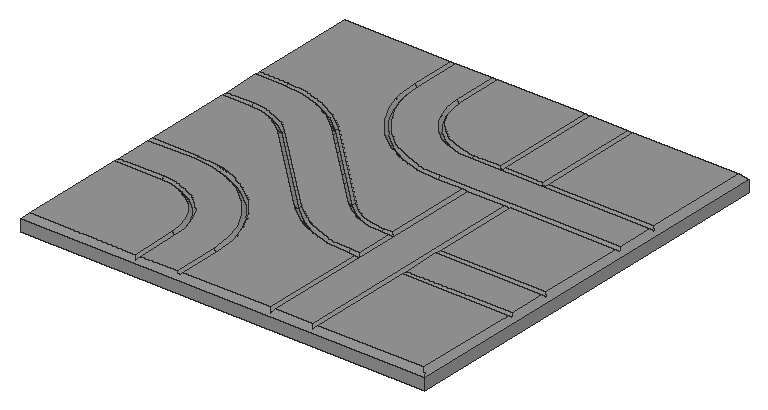
Revit family "METRO-2X2", category Generic Models, Revit 2026
Family settings
  Can host rebar = No
  Round Connector Dimension = Use Diameter
  Part Type = Normal
  Work Plane-Based = No
  Always vertical = Yes
  Cut with Voids When Loaded = No
  Maintain Annotation Orientation = No
  Shared = No
  Room Calculation Point = No
Parameters (values of type "STANDARD - CUSTOM PAINTED")
  URL = "https://www.acousticalsurfaces.com/envirocoustic-wood-wool/designs/"
  Thickness = 0' - 1"
  Material = "Envirocoustic Wood Wool"
  Manufacturer = "Acoustical Surfaces, Inc."
  Finish = Custom Painted
  Default Elevation = 0' - 0"
  Backer Thickness = 0' - 1"
  Backer = no
Types (9): name | Finish | Backer Thickness | Backer
  STANDARD - CUSTOM PAINTED | Custom Painted | 0' - 1" | no
  STANDARD - PRIMED WHITE | Primed White | 0' - 1" | no
  STANDARD - PRIMED CLEAR | Primed Clear | 0' - 1" | no
  2 INCH CFAB BACKER - PRIMED WHITE | Primed White | 0' - 2" | yes
  1 INCH CFAB BACKER - PRIMED WHITE | Primed White | 0' - 1" | yes
  2 INCH CFAB BACKER - PRIMED CLEAR | Primed Clear | 0' - 2" | yes
  1 INCH CFAB BACKER - PRIMED CLEAR | Primed Clear | 0' - 1" | yes
  2 INCH CFAB BACKER - CUSTOM PAINTED | Custom Painted | 0' - 2" | yes
  1 INCH CFAB BACKER - CUSTOM PAINTED | Custom Painted | 0' - 1" | yes
Reference planes (in)
  plane 1 "Center (Front/Back)": y = 0
  plane 2: z = 0
  plane 3 "Center (Left/Right)": x = 0
  plane 4: x = -12
  plane 5: x = 12
  plane 6: y = 12
  plane 7: y = -12
  plane 8: z = 1
  plane 9: z = -1
Forms (in)
  Extrusion 1, solid, material "Custom Painted" <- "Finish"
    sketch origin (0, 0, 0) x (1, 0, 0) y (0, 1, 0)
      loop
        line (12, 12) -> (-12, 12) -> (-12, -12) -> (12, -12) -> (12, 12)
    from 0 to 1
  Sweep 2, void
    path in 3D
      loop
        line (12, 12, 1) -> (-12, 12, 1) -> (-12, -12, 1) -> (12, -12, 1) -> (12, 12, 1)
    profile "Triangle : Family2" origin (12, 0, 1) x (-1, 0, 0) y (0, 0, 1)
      loop
        line (0, 0) -> (0, -0.315) -> (0.315, 0) -> (0, 0)
  Extrusion 3, solid, visible <- "Backer"
    sketch origin (0, 0, 0) x (1, 0, 0) y (0, 1, 0)
      loop
        line (12, 12) -> (-12, 12) -> (-12, -12) -> (12, -12) -> (12, 12)
    from 0 to -1
  Sweep 4, void
    path origin (0, 0, 1) x (1, 0, 0) y (0, 1, 0)
      loop
        line (-2.75002, 12) -> (-2.75002, 9)
        arc (-2.75002, 9) -> (-1.65167, 6.34835) -> (0.99998, 5.25) r 3.75
        line (0.99998, 5.25) -> (12, 5.25)
    profile "Groove : Family2" origin (-2.75002, 10.5, 1) x (1, 0, 0) y (0, 0, 1)
      loop
        line (-0.1575, 0) -> (0, -0.1575) -> (0.1575, 0) -> (-0.1575, 0)
  Sweep 5, void
    path origin (0, 0, 1) x (1, 0, 0) y (0, 1, 0)
      loop
        line (-5.25002, 12) -> (-5.25002, 9)
        arc (-5.25002, 9) -> (-3.41944, 4.58058) -> (0.99998, 2.75) r 6.25
        line (0.99998, 2.75) -> (12, 2.75)
    profile "Groove : Family2" origin (-5.25002, 10.5, 1) x (1, 0, 0) y (0, 0, 1)
      loop
        line (-0.1575, 0) -> (0, -0.1575) -> (0.1575, 0) -> (-0.1575, 0)
  Sweep 6, void
    path origin (0, 0, 1) x (1, 0, 0) y (0, 1, 0)
      loop
        line (5.25, 5.25) -> (5.25, 12)
    profile "Groove : Family2" origin (5.25, 8.625, 1) x (-1, 0, 0) y (0, 0, 1)
      loop
        line (-0.1575, 0) -> (0, -0.1575) -> (0.1575, 0) -> (-0.1575, 0)
  Sweep 7, void
    path origin (0, 0, 1) x (1, 0, 0) y (0, 1, 0)
      loop
        line (2.75, 5.25) -> (2.75, 12)
    profile "Groove : Family2" origin (2.75, 8.625, 1) x (-1, 0, 0) y (0, 0, 1)
      loop
        line (-0.1575, 0) -> (0, -0.1575) -> (0.1575, 0) -> (-0.1575, 0)
  Sweep 8, void
    path origin (0, 0, 1) x (1, 0, 0) y (0, 1, 0)
      loop
        line (5.25, -12) -> (5.25, 2.74999)
    profile "Groove : Family2" origin (5.25, -4.625, 1) x (-1, 0, 0) y (0, 0, 1)
      loop
        line (-0.1575, 0) -> (0, -0.1575) -> (0.1575, 0) -> (-0.1575, 0)
  Sweep 9, void
    path origin (0, 0, 1) x (1, 0, 0) y (0, 1, 0)
      loop
        line (2.75, -12) -> (2.75, 2.74999)
    profile "Groove : Family2" origin (2.75, -4.625, 1) x (-1, 0, 0) y (0, 0, 1)
      loop
        line (-0.1575, 0) -> (0, -0.1575) -> (0.1575, 0) -> (-0.1575, 0)
  Sweep 10, void
    path origin (0, 0, 1) x (1, 0, 0) y (0, 1, 0)
      loop
        line (12, -2.75) -> (5.25, -2.75)
    profile "Groove : Family2" origin (8.625, -2.75, 1) x (0, -1, 0) y (0, 0, 1)
      loop
        line (-0.1575, 0) -> (0, -0.1575) -> (0.1575, 0) -> (-0.1575, 0)
  Sweep 11, void
    path origin (0, 0, 1) x (1, 0, 0) y (0, 1, 0)
      loop
        line (12, -5.25) -> (5.25, -5.25)
    profile "Groove : Family2" origin (8.625, -5.25, 1) x (0, -1, 0) y (0, 0, 1)
      loop
        line (-0.1575, 0) -> (0, -0.1575) -> (0.1575, 0) -> (-0.1575, 0)
  Sweep 12, void
    path origin (0, 0, 1) x (1, 0, 0) y (0, 1, 0)
      loop
        line (2.75, -2.75) -> (2.07116, -2.75)
        arc (2.07116, -2.75) -> (0.63613, -2.46456) -> (-0.58044, -1.65171) r 3.75
        line (-0.58044, -1.65171) -> (-5.65186, 3.41951)
        arc (-5.65186, 3.41951) -> (-7.67948, 4.77427) -> (-10.07119, 5.25) r 6.25
        line (-10.07119, 5.25) -> (-12, 5.25)
    profile "Groove : Family2" origin (-7.67948, 4.77427, 1) x (-0.382674, -0.923884, 0) y (0, 0, 1)
      loop
        line (-0.1575, 0) -> (0, -0.1575) -> (0.1575, 0) -> (-0.1575, 0)
  Sweep 13, void
    path origin (0, 0, 1) x (1, 0, 0) y (0, 1, 0)
      loop
        line (2.75, -5.25) -> (2.07114, -5.25)
        arc (2.07114, -5.25) -> (-0.32059, -4.77427) -> (-2.34821, -3.41949) r 6.25
        line (-2.34821, -3.41949) -> (-7.41955, 1.65169)
        arc (-7.41955, 1.65169) -> (-8.63612, 2.46456) -> (-10.07116, 2.75) r 3.75
        line (-10.07116, 2.75) -> (-12, 2.75)
    profile "Groove : Family2" origin (-11.03558, 2.75, 1) x (0, -1, 0) y (0, 0, 1)
      loop
        line (-0.1575, 0) -> (0, -0.1575) -> (0.1575, 0) -> (-0.1575, 0)
  Sweep 14, void
    path origin (0, 0, 1) x (1, 0, 0) y (0, 1, 0)
      loop
        line (-12, -2.75) -> (-9, -2.75)
        arc (-9, -2.75) -> (-4.58058, -4.58058) -> (-2.75, -9) r 6.25
        line (-2.75, -9) -> (-2.75, -12)
    profile "Groove : Family2" origin (-10.5, -2.75, 1) x (0, 1, 0) y (0, 0, 1)
      loop
        line (-0.1575, 0) -> (0, -0.1575) -> (0.1575, 0) -> (-0.1575, 0)
  Sweep 15, void
    path origin (0, 0, 1) x (1, 0, 0) y (0, 1, 0)
      loop
        line (-5.25, -12) -> (-5.25, -9)
        arc (-5.25, -9) -> (-6.34835, -6.34835) -> (-9, -5.25) r 3.75
        line (-9, -5.25) -> (-12, -5.25)
    profile "Groove : Family2" origin (-10.5, -5.25, 1) x (0, -1, 0) y (0, 0, 1)
      loop
        line (-0.1575, 0) -> (0, -0.1575) -> (0.1575, 0) -> (-0.1575, 0)
Cuts and joins
  Sweep 2, Sweep 4, Sweep 5, Sweep 6, Sweep 7, Sweep 8, Sweep 9, Sweep 10, Sweep 11, Sweep 12, Sweep 13, Sweep 14, Sweep 15 cuts Extrusion 1
Lines and regions (in)
  sketch lines
    curve 1: line (12, -12, 1) -> (12, 12, 1)
    curve 2: line (-12, -12, 1) -> (12, -12, 1)
    curve 3: line (-12, 12, 1) -> (-12, -12, 1)
    curve 4: line (12, 12, 1) -> (-12, 12, 1)
Dimensions and locks (in)
  equal spacing: plane 4, plane 3 "Center (Left/Right)", plane 5
  equal spacing: plane 7, plane 1 "Center (Front/Back)", plane 6
  plane 7 to plane 6 = 2' - 0"
  locked: plane 4 to plane 5 at 24
  "Thickness": plane 8 to level
  "Backer Thickness": level to plane 9
  aligned and locked: level to plane 2
  aligned and locked: Extrusion 1 sketch curve to plane 4
  aligned and locked: plane 5 to Extrusion 1 sketch curve
  aligned and locked: Extrusion 1 sketch curve to plane 6
  aligned and locked: Extrusion 1 sketch curve to plane 7
  aligned and locked: Extrusion 1 to plane 8
  aligned and locked: Extrusion 3 sketch curve to plane 4
  aligned and locked: plane 5 to Extrusion 3 sketch curve
  aligned and locked: Extrusion 3 sketch curve to plane 6
  aligned and locked: Extrusion 3 sketch curve to plane 7
  aligned and locked: plane 9 to Extrusion 3
Automatic sketch dimensions
  Sweep 4 sketch curve to Extrusion 1 = 0' - 0"  (x2)
  Sweep 4 sketch curve to Extrusion 1 = 0' - 3"
  Sweep 4 sketch curve to Extrusion 1 = 0' - 9 1/4"
  Sweep 4 sketch curve to Sweep 4 sketch curve = 0' - 3 3/4"
  Sweep 5 sketch curve to Extrusion 1 = 0' - 0"  (x2)
  Sweep 5 sketch curve to Extrusion 1 = 0' - 6 3/4"
  Sweep 5 sketch curve to Extrusion 1 = 0' - 3"
  Sweep 5 sketch curve to Sweep 5 sketch curve = 0' - 6 1/4"
  Sweep 12 sketch curve to Extrusion 1 = 0' - 0"
  Sweep 12 sketch curve to Extrusion 1 = 0' - 1.92881"
  Sweep 12 sketch curve to Extrusion 1 = 0' - 11"
  Sweep 12 sketch curve to Sweep 12 sketch curve = 0' - 6 1/4"
  Sweep 12 sketch curve to Sweep 12 sketch curve = 0' - 4.41933"
  Sweep 12 sketch curve to Sweep 12 sketch curve = 0' - 5.07143"
  Sweep 12 sketch curve to Sweep 12 sketch curve = 0' - 5.07122"
  Sweep 12 sketch curve to Sweep 12 sketch curve = 0' - 2.6516"
  Sweep 12 sketch curve to Sweep 12 sketch curve = 0' - 2.65171"
  Sweep 12 sketch curve to Sweep 12 sketch curve = 0' - 0.67884"
  Sweep 13 sketch curve to Extrusion 1 = 0' - 0"
  Sweep 13 sketch curve to Extrusion 1 = 0' - 1.92884"
  Sweep 13 sketch curve to Extrusion 1 = 0' - 11"
  Sweep 13 sketch curve to Sweep 13 sketch curve = 0' - 3 3/4"
  Sweep 13 sketch curve to Sweep 13 sketch curve = 0' - 2.65161"
  Sweep 13 sketch curve to Sweep 13 sketch curve = 0' - 5.07134"
  Sweep 13 sketch curve to Sweep 13 sketch curve = 0' - 5.07118"
  Sweep 13 sketch curve to Sweep 13 sketch curve = 0' - 4.41935"
  Sweep 13 sketch curve to Sweep 13 sketch curve = 0' - 4.41949"
  Sweep 13 sketch curve to Sweep 13 sketch curve = 0' - 0.67886"
  Sweep 14 sketch curve to Extrusion 1 = 0' - 0"
  Sweep 14 sketch curve to Extrusion 1 = 0' - 3"  (x2)
  Sweep 14 sketch curve to Sweep 14 sketch curve = 0' - 6 1/4"
  Extrusion 1 to Sweep 14 sketch curve = 0' - 0"
  Sweep 15 sketch curve to Extrusion 1 = 0' - 0"
  Sweep 15 sketch curve to Extrusion 1 = 0' - 3"  (x2)
  Sweep 15 sketch curve to Sweep 15 sketch curve = 0' - 3 3/4"
  Extrusion 1 to Sweep 15 sketch curve = 0' - 0"
